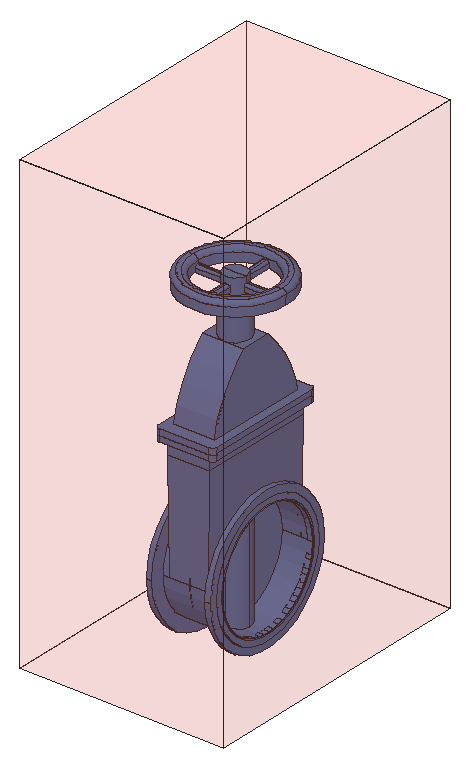
Revit family "Поли-Групп_ЗадвижкаКлиноваяEAZ-EК-F4_DN40-900", category Арматура трубопроводов, Revit 2019
Family settings
  Размер круглого соединителя = Использовать диаметр
  Тип детали = Клапан - Вставляется
  На основе рабочей плоскости = Нет
  Всегда вертикально = Да
  При загрузке вырезать с полостями = Нет
  Общий = Нет
Parameters (values of type "Загрузите типоразмеры из каталог семейств")
  Тип присоединения = "Фланцевое"  # constant formula
  Тип привода = "Штурвал"  # constant formula
  Температура рабочей среды = "0 до +70°С"  # constant formula
  ТВ = "Поли-Групп_ЗадвижкаКлиноваяEAZ-EК-F4_DN40-900"  # constant formula
  Срок службы = "50 лет"  # constant formula
  Сервисная зона_Вкл_Выкл [instance] = yes
  Разработчик = "https://3dbim.pro/"
  Рабочая среда = "Питьевая вода, техническая вода, канализационные стоки, морская вода"  # constant formula
  Покрытие = "Высококачественное эпоксидное покрытие толщиной 300 мкм"  # constant formula
  A = D * 0.9  # 1003.5 mm
  l3 = L * 0.9  # 459 mm
  Назначение = "Для установки в качестве запорного устройства на трубопроводах"  # constant formula
  Материал уплотнителя = "EPDM/NBR"  # constant formula
  Материал Диска = "Высокопрочный чугун с шаровидным графитом (GGG-40)"  # constant formula
  d1 = DN / 4  # 225 mm
  Класс герметичности = "А по ГОСТ Р 9544-2015"  # constant formula
  Manufacturer = ""
  h2 = H2 * 0.5  # 1009 mm
  Габаритные размеры = size_lookup(ТВ, "Габаритные размеры", "нет данных", DN, PN)  # "1115х510х2576"
  t = h2 * 0.1  # 100.9 mm
  l2 = L * 0.65  # 331.5 mm
  l1 = L * 0.6  # 306 mm
  b = size_lookup(ТВ, "b", 20 mm, DN, PN)  # 46.5 mm
  PN = 16.0 bar
  DO = size_lookup(ТВ, "DO", 160 mm, DN, PN)  # 800 mm
  D2 = size_lookup(ТВ, "D2", 340 mm, DN, PN)  # 1001 mm
  f = size_lookup(ТВ, "f", 3 mm, DN, PN)  # 5 mm
  URL = ""
  R = size_lookup(ТВ, "R", 245 mm, DN, PN)  # 37 mm
  L = size_lookup(ТВ, "L", 500 mm, DN, PN)  # 510 mm
  Kv = size_lookup(ТВ, "Kv", 1.0 m³/h, DN, PN)  # 1.0 m³/h
  H2 = size_lookup(ТВ, "H2", 245 mm, DN, PN)  # 2018 mm
  D_Наружный = DN + 9 mm  # 909 mm
  DN = 900 mm
  D = size_lookup(ТВ, "D", 340 mm, DN, PN)  # 1115 mm
  ADSK_Расход жидкости [instance] = 0.0 m³/h
  ADSK_Примечание = ""
  ADSK_Потеря давления жидкости [instance] = (ADSK_Расход жидкости / Kv) ^ 2 * 1.0 bar  # 0.0 bar
  ADSK_Позиция = ""
  ADSK_Обозначение = ""
  ADSK_Наименование краткое = size_lookup(ТВ, "ADSK_Наименование краткое", "нет данных", DN, PN)  # "Задвижка клиновая EAZ EK F4 DN900 PN16"
  ADSK_Наименование = size_lookup(ТВ, "ADSK_Наименование", "нет данных", DN, PN)  # "Задвижка с обрезиненным клином EAZ EK F4 для воды с мягким уплотнением фланцевая маховик DN900 PN16"
  ADSK_Материал наименование = "Высокопрочный чугун с шаровидным графитом (GGG-40)"  # constant formula
  ADSK_Материал = Высокопрочный чугун GGG-40
  ADSK_Масса_Текст = size_lookup(ТВ, "ADSK_Масса_Текст", "нет данных", DN, PN)  # "1980"
  ADSK_Масса = size_lookup(ТВ, "ADSK_Масса", 0, DN, PN)  # 1980
  ADSK_Марка = size_lookup(ТВ, "ADSK_Код изделия", "нет данных", DN, PN)  # "EAZ-GV-4-F4 DN900 PN16"
  ADSK_Количество = 1  # constant formula
  ADSK_Код изделия = ""
  ADSK_Завод-изготовитель = "ООО ПК «Поли-Групп»"  # constant formula
  ADSK_Единица измерения = "шт"  # constant formula
  ADSK_Версия Revit = "2019"  # constant formula
  ADSK_URL страницы изделия = "https://www.polycorr.ru/"
Reference planes
  plane 1 "По центру (Вперед/Назад)": y = 0
  plane 2: z = 0
  plane 3 "По центру (Влево/Вправо)": x = 0
  plane 4: y = 450
  plane 5: y = -450
  plane 6: x = -255
  plane 7: x = 255
  plane 8: x = -154
  plane 9: x = 154
  plane 10: y = 500.5
  plane 11: y = -500.5
  plane 12: y = 454.5
  plane 13: y = -454.5
  plane 14 "Корпус": z = 1009
  plane 15: z = 962.5
  plane 16: z = 861.6
  plane 17: x = -165.75
  plane 18: x = 165.75
  plane 19: x = -153
  plane 20: x = 153
  plane 21: y = 501.75
  plane 22: y = -501.75
  plane 23: x = 229.5
  plane 24: x = -229.5
  plane 25: y = 454.5
  plane 26: y = -454.5
  plane 27: x = -5
  plane 28: x = 5
  plane 29: z = 450
  plane 30: z = -450
  plane 31 "Штурвал": z = 2018
Forms (mm)
  Revolve 1, solid, material "Высокопрочный чугун GGG-40" <- "ADSK_Материал", detail levels fine
    sketch origin (0, 0, 0) x (1, 0, 0) y (0, 1, 0)
      loop
        line (-255, 454.5) -> (-255, 0) -> (255, 0) -> (255, 454.5) -> (-255, 454.5)
      axis (-255, 0) -> (255, 0)
    angle from 0 to 360
  Extrusion 2, solid, material "Высокопрочный чугун GGG-40" <- "ADSK_Материал", detail levels fine
    sketch origin (-117.677, -1524, 962.5) x (-1, 0, 0) y (0, -1, 0)
      loop
        arc (74.823, -2025.75) -> (100.985, -2014.913) -> (111.823, -1988.75) r 37
        line (111.823, -1988.75) -> (111.823, -1059.25)
        arc (111.823, -1059.25) -> (100.985, -1033.087) -> (74.823, -1022.25) r 37
        line (74.823, -1022.25) -> (-310.177, -1022.25)
        arc (-310.177, -1022.25) -> (-336.34, -1033.087) -> (-347.177, -1059.25) r 37
        line (-347.177, -1059.25) -> (-347.177, -1988.75)
        arc (-347.177, -1988.75) -> (-336.34, -2014.913) -> (-310.177, -2025.75) r 37
        line (-310.177, -2025.75) -> (74.823, -2025.75)
    from 0 to 46.5
  Blend 3, solid, material "Высокопрочный чугун GGG-40" <- "ADSK_Материал", detail levels fine
    base sketch origin (0, 0, 0) x (1, 0, 0) y (0, 1, 0)
      loop
        line (-153, 454.5) -> (-153, -454.5) -> (153, -454.5) -> (153, 454.5) -> (-153, 454.5)
    top sketch origin (0, 0, 0) x (1, 0, 0) y (0, 1, 0)
      loop
        line (-165.75, 454.5) -> (-165.75, -454.5) -> (165.75, -454.5) -> (165.75, 454.5) -> (-165.75, 454.5)
    from 0 to 861.6
  Extrusion 4, solid, material "Высокопрочный чугун GGG-40" <- "ADSK_Материал", detail levels fine
    sketch origin (-117.677, -1524, 861.6) x (-1, 0, 0) y (0, -1, 0)
      loop
        line (48.073, -1069.5) -> (-283.427, -1069.5) -> (-283.427, -1978.5) -> (48.073, -1978.5) -> (48.073, -1069.5)
    from 0 to 100.9
  Extrusion 5, void
    sketch origin (-154, 168.089, 1200) x (0, -1, 0) y (0, 0, 1)
      loop
        circle (168.089, -1200) r 450
    from 101 to -409
  Extrusion 6, solid, material "Высокопрочный чугун GGG-40" <- "ADSK_Материал", detail levels fine
    sketch origin (0, 0, 0) x (0, 1, 0) y (0, 0, 1)
      loop
        circle (0, 0) r 450
    from -5 to 5
  Extrusion 7, solid, material "Высокопрочный чугун GGG-40" <- "ADSK_Материал", detail levels fine
    sketch origin (0, 0, 0) x (1, 0, 0) y (0, 1, 0)
      loop
        circle (0, 0) r 112.5
    from -450 to 450
Cuts and joins
  Extrusion 5 cuts Revolve 1
  Extrusion 5 cuts Blend 3
  joined: Revolve 1, Blend 3
Dimensions and locks
  equal spacing: plane 4, plane 1 "По центру (Вперед/Назад)", plane 5
  "DN": plane 4 to plane 5
  equal spacing: plane 10, plane 1 "По центру (Вперед/Назад)", plane 11
  "D2": plane 10 to plane 11
  equal spacing: plane 12, plane 1 "По центру (Вперед/Назад)", plane 13
  "D_Наружный": plane 12 to plane 13
  "b": plane 14 "Корпус" to plane 15
  "h2": plane 14 "Корпус" to plane 2
  equal spacing: plane 19, plane 3 "По центру (Влево/Вправо)", plane 20
  "l1": plane 19 to plane 20
  equal spacing: plane 17, plane 3 "По центру (Влево/Вправо)", plane 18
  "l2": plane 17 to plane 18
  equal spacing: plane 21, plane 1 "По центру (Вперед/Назад)", plane 22
  "A": plane 21 to plane 22
  equal spacing: plane 24, plane 3 "По центру (Влево/Вправо)", plane 23
  "l3": plane 24 to plane 23
  "D_Наружный": plane 25 to plane 26
  equal spacing: plane 26, plane 1 "По центру (Вперед/Назад)", plane 25
  equal spacing: plane 28, plane 3 "По центру (Влево/Вправо)", plane 27
  locked: plane 28 to plane 3 "По центру (Влево/Вправо)" at 5
  "t": plane 15 to plane 16
  equal spacing: plane 29, level, plane 30
  "DN": plane 29 to plane 30
  "H2": plane 31 "Штурвал" to level
  equal spacing: plane 6, nested 3, plane 7
  "L": plane 6 to plane 7
  equal spacing: plane 6, plane 3 "По центру (Влево/Вправо)", plane 7
  "R": radius of Extrusion 2 sketch curve  (x4)
  "DN": diameter of Extrusion 5 sketch curve
  "DN": diameter of Extrusion 6 sketch curve
  "d1": diameter of Extrusion 7 sketch curve
  aligned and locked: level to plane 2
  aligned and locked: Revolve 1 sketch curve to plane 12
  aligned and locked: plane 1 "По центру (Вперед/Назад)" to Revolve 1 sketch curve
  aligned and locked: Extrusion 2 sketch curve to plane 21
  aligned and locked: Extrusion 2 sketch curve to plane 24
  aligned and locked: plane 22 to Extrusion 2 sketch curve
  aligned and locked: Extrusion 2 sketch curve to plane 23
  aligned and locked: plane 14 "Корпус" to Extrusion 2
  aligned and locked: plane 25 to Blend 3 sketch curve
  aligned and locked: plane 17 to Blend 3 sketch curve
  aligned and locked: Blend 3 sketch curve to plane 18
  aligned and locked: Blend 3 sketch curve to plane 26
  aligned and locked: Blend 3 sketch curve to plane 12
  aligned and locked: plane 19 to Blend 3 sketch curve
  aligned and locked: plane 13 to Blend 3 sketch curve
  aligned and locked: Blend 3 sketch curve to plane 20
  aligned and locked: Blend 3 to plane 16
  aligned and locked: plane 26 to Extrusion 4 sketch curve
  aligned and locked: Extrusion 4 sketch curve to plane 17
  aligned and locked: Extrusion 4 sketch curve to plane 25
  aligned and locked: Extrusion 4 sketch curve to plane 18
  aligned and locked: Revolve 1 sketch curve to plane 1 "По центру (Вперед/Назад)"
  aligned and locked: nested 1 to plane 1 "По центру (Вперед/Назад)"
  aligned and locked: plane 1 "По центру (Вперед/Назад)" to nested 2
  aligned and locked: Extrusion 6 to plane 27
  aligned and locked: Extrusion 6 to plane 28
  aligned and locked: Extrusion 4 to plane 15
  aligned and locked: Extrusion 7 to plane 30
  aligned and locked: plane 29 to Extrusion 7
  aligned and locked: plane 1 "По центру (Вперед/Назад)" to nested 3
  aligned and locked: plane 7 to nested 2
  aligned and locked: Revolve 1 sketch curve to plane 7
  aligned and locked: cut or joined group of Revolve 1, Blend 3, Extrusion 5 to plane 6
  aligned and locked: Extrusion 5 to plane 6
  aligned and locked: plane 7 to Extrusion 5
  aligned and locked: nested 1 to plane 6
  aligned and locked: plane 3 "По центру (Влево/Вправо)" to nested 4
  aligned and locked: plane 1 "По центру (Вперед/Назад)" to nested 4
  aligned and locked: nested 4 to level
  aligned and locked: plane 3 "По центру (Влево/Вправо)" to nested 5
  aligned and locked: nested 5 to level
  aligned and locked: plane 3 "По центру (Влево/Вправо)" to nested 6
Automatic sketch dimensions
  Revolve 1 sketch curve to plane 6 = 14 mm
  Revolve 1 sketch curve to plane 7 = 5 mm
  Revolve 1 sketch curve to plane 6 = 0 mm
  Extrusion 5 sketch curve to level = 0 mm
  Extrusion 5 sketch curve to plane 1 "По центру (Вперед/Назад)" = 0 mm
  Extrusion 6 sketch curve to level = 0 mm
  Extrusion 6 sketch curve to plane 1 "По центру (Вперед/Назад)" = 0 mm
  plane 1 "По центру (Вперед/Назад)" to Extrusion 7 sketch curve = 0 mm
  Extrusion 7 sketch curve to plane 3 "По центру (Влево/Вправо)" = 0 mm
Nested families
  nested 1: "Вл_Фланец" at (-208.5, 0, 0) x (-1, 0, 0) z (0, 0, 1), type "Вл_Фланец", detail levels fine
    with D2 1001 mm, D 1115 mm, b 46.5 mm, DN 900 mm
  nested 2: "Вл_Фланец" at (208.5, 0, 0), type "Вл_Фланец", detail levels fine
    with D2 1001 mm, D 1115 mm, b 46.5 mm, DN 900 mm
  nested 3: "Вл_КрышкаКорпусаШтурвал" at (0, 0, 1009), type "Вл_КрышкаКорпусаШтурвал", detail levels fine
  nested 4: "УГО_АТ_Задвижка" at (-0.685, 0, 0) x (1, 0, 0) z (0, -1, 0), type "УГО_АТ_Задвижка", detail levels coarse+medium
    with УГО_Длина 510 mm, b 147.224 mm
  nested 5: "УГО_ЭУ_Задвижка" at (0, 0, 0) x (1, 0, 0) z (0, -1, 0), type "УГО_ЭУ_Задвижка", detail levels coarse+medium
    with УГО_Длина 510 mm, b 147.224 mm
  nested 6: "Вл_СервиснаяЗона" at (0, 0, -19.073), visible <- "Сервисная зона_Вкл_Выкл", type "Вл_СервиснаяЗона", detail levels fine
    with on_off yes, ДиаметрФланца 1115 mm, СЗ_ВысотаПодОсью 557.5 mm, СЗ_ВысотаНадОсью 3027 mm, СЗ_ШиринаВперед 1115 mm, Длина 800 mm, СЗ_Длина 1600 mm, ВысотаНадОсью 2018 mm, СЗ_ШиринаНазад 1115 mm, ВысотаПодОсью 1115 mm
Connectors
  piping at (255, 0, 0), diameter 900, driven by "DN", driven by "ADSK_Расход жидкости"
    settings: on cut or joined group of Revolve 1, Blend 3, Extrusion 5, index 1, connector inside diameter 609.6 mm, connector length 0 mm, flow factor 0, pipe flow 0.0 m³/h, pressure drop 0.0 bar, fitting loss kfactor 0, connector angle 0.00°, fixture units 0, engagement length 0 mm, angle of deflection 0.00°, flow configuration 0, flow direction 0, fitting loss method 0, system type 29, joint type 0, gender type 0, connector reference index 2, connector utility 0, adjustable connector no, is connector primary yes, connector description ""
  piping at (-255, 0, 0), diameter 900, driven by "DN", driven by "ADSK_Расход жидкости", driven by "ADSK_Потеря давления жидкости"
    settings: on cut or joined group of Revolve 1, Blend 3, Extrusion 5, index 2, connector inside diameter 609.6 mm, connector length 0 mm, flow factor 0, pipe flow 0.0 m³/h, pressure drop 0.0 bar, fitting loss kfactor 0, connector angle 0.00°, fixture units 0, engagement length 0 mm, angle of deflection 0.00°, flow configuration 0, flow direction 0, fitting loss method 4, system type 29, joint type 0, gender type 0, connector reference index 1, connector utility 0, adjustable connector no, is connector primary no, connector description ""
Definition of nested family "Вл_Фланец"
  Parameters (values of type "Вл_Фланец")
    Материал = none
    Manufacturer = ""
    D2 = 682 mm
    f = 5 mm
    URL = ""
    D = 780 mm
    b = 36 mm
    DN = 600 mm
  Reference planes
    plane 1 "По центру (Вперед/Назад)": y = 0
    plane 2: z = 0
    plane 3 "По центру (Влево/Вправо)": x = 0
    plane 4: x = 31
    plane 5: x = 36
  Forms (mm)
    Extrusion 1, solid, material <- "Материал"
      sketch origin (0, 0, 0) x (0, 1, 0) y (0, 0, 1)
        loop
          circle (0, 1.343) r 390
        loop
          circle (0, 0) r 300
      from 0 to 31
    Extrusion 2, solid, material <- "Материал"
      sketch origin (31, 232.183, 1200) x (0, 1, 0) y (0, 0, 1)
        loop
          circle (-232.183, -1200) r 341
        loop
          circle (-232.183, -1200) r 300
      from 0 to 5
  Dimensions and locks
    "f": plane 4 to plane 5
    "b": plane 3 "По центру (Влево/Вправо)" to plane 5
    "D": diameter of Extrusion 1 sketch curve
    "DN": diameter of Extrusion 1 sketch curve
    "DN": diameter of Extrusion 2 sketch curve
    "D2": diameter of Extrusion 2 sketch curve
    aligned and locked: level to plane 2
    aligned and locked: Extrusion 1 to plane 4
    aligned and locked: Extrusion 2 to plane 5
  Automatic sketch dimensions
    Extrusion 1 sketch curve to level = 0 mm
    Extrusion 1 sketch curve to plane 1 "По центру (Вперед/Назад)" = 0 mm  (x2)
    level to Extrusion 1 sketch curve = 1.343 mm
    Extrusion 2 sketch curve to Extrusion 2 sketch curve = 0 mm  (x2)
    Extrusion 2 sketch curve to level = 0 mm
    Extrusion 2 sketch curve to plane 1 "По центру (Вперед/Назад)" = 0 mm
Definition of nested family "Вл_КрышкаКорпусаШтурвал"
  Parameters (values of type "Вл_КрышкаКорпусаШтурвал")
    Штурвал_Высота = DO * 0.25  # 200 mm
    Шляпа_Ширина = l3 * 0.7  # 321.3 mm
    Шляпа_Глубина = A * 0.8  # 802.8 mm
    ТВ = "Поли-Групп_ЗадвижкаКлиноваяEAZ-EК-F4_DN40-900"  # constant formula
    l3 = L * 0.9  # 459 mm
    Default Elevation = 1219.2 mm
    Материал = none
    h2 = 1009 mm
    Manufacturer = ""
    PN = 16.0 bar
    A = D * 0.9  # 1003.5 mm
    Шляпа_Высота = КрышкаКорпуса_Высота * 0.7  # 566.3 mm
    КрышкаКорпуса_Высота = H2 - h2 - Штурвал_Высота  # 809 mm
    Верх_Глубина = Шляпа_Вал_Диаметр / 5  # 45.9 mm
    b = size_lookup(ТВ, "b", 20 mm, DN, PN)  # 46.5 mm
    URL = ""
    R = size_lookup(ТВ, "R", 9.7 mm, DN, PN)  # 37 mm
    L = size_lookup(ТВ, "L", 500 mm, DN, PN)  # 510 mm
    H2 = size_lookup(ТВ, "H2", 250 mm, DN, PN)  # 2018 mm
    Шляпа_Вал_Диаметр = l3 * 0.5  # 229.5 mm
    DO = size_lookup(ТВ, "DO", 160 mm, DN, PN)  # 800 mm
    DN = 900 mm
    D = size_lookup(ТВ, "D", 340 mm, DN, PN)  # 1115 mm
  Reference planes
    plane 1 "По центру (Вперед/Назад)": y = 0
    plane 2: z = 0
    plane 3 "По центру (Влево/Вправо)": x = 0
    plane 4: y = 501.75
    plane 5: y = -501.75
    plane 6: x = 229.5
    plane 7: x = -229.5
    plane 8: z = 46.5
    plane 9: x = 46.6
    plane 10: x = -46.6
    plane 11: y = 64.5
    plane 12 "1": y = -256.8
    plane 13: z = 566.3
    plane 14: y = 401.4
    plane 15: y = -401.4
    plane 16: x = 160.65
    plane 17: x = -160.65
    plane 18: x = 114.75
    plane 19: x = -114.75
    plane 20: y = 114.75
    plane 21: y = -114.75
    plane 22: z = 809
    plane 23: z = 283.15
  Forms (mm)
    Extrusion 1, solid, material <- "Материал"
      sketch origin (0, 0, 0) x (1, 0, 0) y (0, 1, 0)
        loop
          arc (-192.5, 501.75) -> (-218.663, 490.913) -> (-229.5, 464.75) r 37
          line (-229.5, 464.75) -> (-229.5, -464.75)
          arc (-229.5, -464.75) -> (-218.663, -490.913) -> (-192.5, -501.75) r 37
          line (-192.5, -501.75) -> (192.5, -501.75)
          arc (192.5, -501.75) -> (218.663, -490.913) -> (229.5, -464.75) r 37
          line (229.5, -464.75) -> (229.5, 464.75)
          arc (229.5, 464.75) -> (218.663, 490.913) -> (192.5, 501.75) r 37
          line (192.5, 501.75) -> (-192.5, 501.75)
      from 0 to 46.5
    Extrusion 2, solid, material <- "Материал"
      sketch origin (0, 76.451, 566.3) x (0, 1, 0) y (-1, 0, 0)
        loop
          circle (-76.451, 0) r 114.75
      from 0 to 242.7
    Extrusion 3, solid, material <- "Материал"
      sketch origin (0, 0, 0) x (0, 1, 0) y (0, 0, 1)
        loop
          spline (-114.75, 566.3) -> (-157.147, 521.291) -> (-196.18, 476.59) -> (-231.846, 432.196) -> (-264.147, 388.111) -> (-293.083, 344.332) -> (-318.653, 300.862) -> (-340.858, 257.699) -> (-359.697, 214.844) -> (-375.171, 172.296) -> (-387.28, 130.057) -> (-396.022, 88.124) -> (-401.4, 46.5)
          line (-401.4, 46.5) -> (401.4, 46.5)
          spline (401.4, 46.5) -> (396.022, 88.124) -> (387.28, 130.057) -> (375.171, 172.296) -> (359.697, 214.844) -> (340.858, 257.699) -> (318.653, 300.862) -> (293.083, 344.332) -> (264.147, 388.111) -> (231.846, 432.196) -> (196.18, 476.59) -> (157.147, 521.291) -> (114.75, 566.3)
          line (114.75, 566.3) -> (-114.75, 566.3)
      from -160.65 to 160.65
  Dimensions and locks
    equal spacing: plane 7, plane 3 "По центру (Влево/Вправо)", plane 6
    "l3": plane 7 to plane 6
    equal spacing: plane 4, plane 1 "По центру (Вперед/Назад)", plane 5
    "A": plane 4 to plane 5
    "b": plane 8 to plane 2
    "Шляпа_Высота": plane 13 to plane 2
    equal spacing: plane 17, plane 3 "По центру (Влево/Вправо)", plane 16
    "Шляпа_Ширина": plane 17 to plane 16
    equal spacing: plane 14, plane 1 "По центру (Вперед/Назад)", plane 15
    "Шляпа_Глубина": plane 14 to plane 15
    equal spacing: plane 20, plane 1 "По центру (Вперед/Назад)", plane 21
    equal spacing: plane 19, plane 3 "По центру (Влево/Вправо)", plane 18
    "Шляпа_Вал_Диаметр": plane 20 to plane 21
    "Шляпа_Вал_Диаметр": plane 19 to plane 18
    "КрышкаКорпуса_Высота": plane 22 to plane 2
    equal spacing: plane 13, plane 23, level
    plane 11 to plane 1 "По центру (Вперед/Назад)" to plane 12 "1" = 64.5 mm, 256.8 mm
    "Шляпа_Ширина": plane 11 to plane 12 "1"
    "R": radius of Extrusion 1 sketch curve  (x4)
    "Шляпа_Вал_Диаметр": diameter of Extrusion 2 sketch curve
    aligned and locked: level to plane 2
    aligned and locked: Extrusion 1 sketch curve to plane 4
    aligned and locked: plane 7 to Extrusion 1 sketch curve
    aligned and locked: plane 5 to Extrusion 1 sketch curve
    aligned and locked: Extrusion 1 sketch curve to plane 6
    aligned and locked: Extrusion 1 to plane 8
    aligned and locked: plane 22 to Extrusion 2
    aligned and locked: plane 3 "По центру (Влево/Вправо)" to nested 1
    aligned and locked: plane 1 "По центру (Вперед/Назад)" to nested 1  (x2)
    aligned and locked: Extrusion 3 sketch curve to plane 13  (x2)
    aligned and locked: plane 14 to Extrusion 3 sketch curve
    aligned and locked: plane 15 to Extrusion 3 sketch curve
    aligned and locked: Extrusion 3 to plane 8
    aligned and locked: plane 17 to Extrusion 3
    aligned and locked: plane 16 to Extrusion 3
    aligned and locked: plane 21 to Extrusion 3 sketch curve
    aligned and locked: plane 20 to Extrusion 3 sketch curve
  Automatic sketch dimensions
    Extrusion 3 sketch curve to plane 8 = 0 mm
    plane 1 "По центру (Вперед/Назад)" to Extrusion 2 sketch curve = 0 mm
    Extrusion 2 sketch curve to plane 3 "По центру (Влево/Вправо)" = 0 mm
  Nested families
    nested 1: "Вл_Штурвал" at (0, 0, 809), type "Вл_Штурвал"
      with Штурвал_Осьd 696 mm, Штурвал_Высота 200 mm, Штурвал_КольцоШирина 104 mm, Держалка_Ширина/2 26 mm, Держалка_Ширина 52 mm, Держалка_d 540 mm, Держалка_Отступ 20 mm, Штурвал_ВнКольцоВысота 123.2 mm, Штурвал_ВнВысота 130 mm, DO 800 mm, Штурвал_Скруглений_r 34.32 mm, Штурвал_ВнКольцо_r 88 mm, Штурвал_Стойка_D 100 mm, D_Гайка 58.667 mm, DN 900 mm
  Definition of nested family "Вл_Штурвал"
    Parameters (values of type "Вл_Штурвал")
      Штурвал_Осьd = DO - Штурвал_КольцоШирина  # 783 mm
      Штурвал_Высота = DO * 0.25  # 225 mm
      Штурвал_КольцоШирина = DO * 0.13  # 117 mm
      Держалка_Ширина/2 = Держалка_Ширина * 0.5  # 29.25 mm
      Держалка_Ширина = Штурвал_КольцоШирина / 2  # 58.5 mm
      Держалка_d = Штурвал_Осьd - Штурвал_КольцоШирина * 1.5  # 607.5 mm
      Держалка_Отступ = Штурвал_Стойка_D * 0.2  # 22.5 mm
      Default Elevation = 1219.2 mm
      Материал_Штурвал = none
      Manufacturer = ""
      Штурвал_ВнКольцоВысота = Штурвал_ВнКольцо_r * 1.4  # 138.6 mm
      Штурвал_ВнВысота = Штурвал_Высота * 0.65  # 146.25 mm
      DO = 900 mm
      URL = ""
      Штурвал_Скруглений_r = Штурвал_КольцоШирина * 0.33  # 38.61 mm
      Штурвал_ВнКольцо_r = DO * 0.11  # 99 mm
      Штурвал_Стойка_D = Штурвал_Высота * 0.5  # 112.5 mm
      D_Гайка = Штурвал_ВнКольцо_r / 1.5  # 66 mm
      DN = 250 mm
    Reference planes
      plane 1 "По центру (Вперед/Назад)": y = 0
      plane 2: z = 0
      plane 3 "По центру (Влево/Вправо)": x = 0
      plane 4: x = 450
      plane 5: x = -450
      plane 6: y = 450
      plane 7: y = -450
      plane 8: z = 225
      plane 9: z = 108
      plane 10: x = 333
      plane 11: z = 217.35
      plane 12: z = 137.25
      plane 13: z = 78.75
      plane 14: x = 99
      plane 15: z = 101.25
    Forms (mm)
      Revolve 1, solid
        sketch origin (0, 0, 0) x (1, 0, 0) y (0, 0, 1)
          loop
            arc (371.61, 225) -> (344.309, 213.691) -> (333, 186.39) r 38.61
            line (333, 186.39) -> (333, 108) -> (450, 108) -> (450, 186.39)
            arc (450, 186.39) -> (438.691, 213.691) -> (411.39, 225) r 38.61
            line (411.39, 225) -> (371.61, 225)
          axis (0, 225) -> (0, 108)
        angle from 0 to 360
      Revolve 2, solid
        sketch origin (0, 0, 0) x (1, 0, 0) y (0, 0, 1)
          loop
            line (0, 217.35) -> (0, 78.75) -> (99, 78.75) -> (99, 217.35) -> (0, 217.35)
          axis (0, 217.35) -> (0, 78.75)
        angle from 0 to 360
      Extrusion 3, solid
        sketch origin (-128.236, -1524, 257.2) x (-1, 0, 0) y (0, -1, 0)
          loop
            circle (-128.236, -1524) r 56.25
        from -178.45 to -257.2
      Sweep 4, solid
        path in 3D
          loop
            line (0, 7.5, 101.25) -> (0, 435, 108) -> (0, 444, 108)
        profile "Вл_ПрофильШтурвала : Вл_ПрофильШтурвала" origin (0, 439.5, 108) x (0, 0, 1) y (1, 0, 0)
          loop
            arc (58.5, 9.75) -> (52.789, 23.539) -> (39, 29.25) r 19.5
            line (39, 29.25) -> (0, 29.25) -> (0, -29.25) -> (39, -29.25)
            arc (39, -29.25) -> (52.789, -23.539) -> (58.5, -9.75) r 19.5
            line (58.5, -9.75) -> (58.5, 9.75)
      Sweep 5, solid
        path in 3D
          loop
            line (-7.5, 0, 101.25) -> (-435, 0, 108) -> (-444, 0, 108)
        profile "Вл_ПрофильШтурвала : Вл_ПрофильШтурвала" origin (-439.5, 0, 108) x (0, 0, -1) y (0, -1, 0)
          loop
            arc (-58.5, -9.75) -> (-52.789, -23.539) -> (-39, -29.25) r 19.5
            line (-39, -29.25) -> (0, -29.25) -> (0, 29.25) -> (-39, 29.25)
            arc (-39, 29.25) -> (-52.789, 23.539) -> (-58.5, 9.75) r 19.5
            line (-58.5, 9.75) -> (-58.5, -9.75)
      Sweep 6, solid
        path in 3D
          loop
            line (0, -7.5, 101.25) -> (0, -435, 108) -> (0, -444, 108)
        profile "Вл_ПрофильШтурвала : Вл_ПрофильШтурвала" origin (0, -439.5, 108) x (0, 0, -1) y (1, 0, 0)
          loop
            arc (-58.5, -9.75) -> (-52.789, -23.539) -> (-39, -29.25) r 19.5
            line (-39, -29.25) -> (0, -29.25) -> (0, 29.25) -> (-39, 29.25)
            arc (-39, 29.25) -> (-52.789, 23.539) -> (-58.5, 9.75) r 19.5
            line (-58.5, 9.75) -> (-58.5, -9.75)
      Sweep 7, solid
        path in 3D
          loop
            line (7.5, 0, 101.25) -> (330, 0, 108) -> (444, 0, 108)
        profile "Вл_ПрофильШтурвала : Вл_ПрофильШтурвала" origin (387, 0, 108) x (0, 0, 1) y (0, -1, 0)
          loop
            arc (58.5, 9.75) -> (52.789, 23.539) -> (39, 29.25) r 19.5
            line (39, 29.25) -> (0, 29.25) -> (0, -29.25) -> (39, -29.25)
            arc (39, -29.25) -> (52.789, -23.539) -> (58.5, -9.75) r 19.5
            line (58.5, -9.75) -> (58.5, 9.75)
    Cuts and joins
      joined: Revolve 1, Revolve 2, Sweep 4, Sweep 5, Sweep 6, Sweep 7
    Lines and regions (mm)
      reference lines
        curve 1: circle (0, 0, 108) r 391.5 normal (0, 0, 1)
        curve 2: circle (0, 0, 101.25) r 49.5 normal (0, 0, 1)
        curve 3: circle (0, 0, 108) r 303.75 normal (0, 0, 1)
        curve 4: line (-7.5, 0, 101.25) -> (-435, 0, 108)
        curve 5: line (-435, 0, 108) -> (-444, 0, 108)
        curve 6: line (7.5, 0, 101.25) -> (330, 0, 108)
        curve 7: line (330, 0, 108) -> (444, 0, 108)
        curve 8: line (0, 7.5, 101.25) -> (0, 435, 108)
        curve 9: line (0, 435, 108) -> (0, 444, 108)
        curve 10: line (0, -7.5, 101.25) -> (0, -435, 108)
        curve 11: line (0, -435, 108) -> (0, -444, 108)
      sketch lines
        curve 12: line (0, 435, 108) -> (0, 444, 108)
        curve 13: line (0, 7.5, 101.25) -> (0, 435, 108)
        curve 14: line (-435, 0, 108) -> (-444, 0, 108)
        curve 15: line (-7.5, 0, 101.25) -> (-435, 0, 108)
        curve 16: line (0, -435, 108) -> (0, -444, 108)
        curve 17: line (0, -7.5, 101.25) -> (0, -435, 108)
        curve 18: line (330, 0, 108) -> (444, 0, 108)
        curve 19: line (7.5, 0, 101.25) -> (330, 0, 108)
    Dimensions and locks
      equal spacing: plane 6, plane 1 "По центру (Вперед/Назад)", plane 7
      "DO": plane 6 to plane 7
      equal spacing: plane 5, plane 3 "По центру (Влево/Вправо)", plane 4
      "DO": plane 5 to plane 4
      "Штурвал_КольцоШирина": plane 8 to plane 9
      "Штурвал_КольцоШирина": plane 4 to plane 10
      "Штурвал_ВнКольцоВысота": plane 11 to plane 13
      "Штурвал_ВнКольцо_r": plane 14 to plane 3 "По центру (Влево/Вправо)"
      "Держалка_Ширина/2": plane 12 to plane 9
      "Штурвал_ВнВысота": plane 8 to plane 13
      "Держалка_Отступ": plane 15 to plane 13
      "Штурвал_Высота": plane 8 to level
      "Штурвал_Стойка_D": diameter of Extrusion 3 sketch curve
      "Штурвал_Осьd": diameter of curve 1
      "Штурвал_ВнКольцо_r": diameter of curve 2
      "Штурвал_Скруглений_r": radius of Revolve 1 sketch curve  (x2)
      "Держалка_d": diameter of curve 3
      aligned and locked: level to plane 2
      aligned and locked: Revolve 1 sketch curve to plane 8
      aligned and locked: plane 10 to Revolve 1 sketch curve
      aligned and locked: plane 9 to Revolve 1 sketch curve
      aligned and locked: Revolve 1 sketch curve to plane 4
      aligned and locked: Revolve 1 sketch curve to plane 3 "По центру (Влево/Вправо)"
      aligned and locked: Revolve 2 sketch curve to plane 11
      aligned and locked: plane 3 "По центру (Влево/Вправо)" to Revolve 2 sketch curve
      aligned and locked: plane 13 to Revolve 2 sketch curve
      aligned and locked: Revolve 2 sketch curve to plane 14
      aligned and locked: Revolve 2 sketch curve to plane 3 "По центру (Влево/Вправо)"
      aligned and locked: curve 2 to curve 4
      aligned and locked: curve 4 to curve 3
      aligned and locked: curve 5 to curve 1
      aligned and locked: curve 2 to curve 6
      aligned and locked: curve 3 to curve 6
      aligned and locked: curve 1 to curve 7
      aligned and locked: curve 2 to curve 8
      aligned and locked: curve 3 to curve 8
      aligned and locked: curve 1 to curve 9
      aligned and locked: curve 2 to curve 10
      aligned and locked: curve 10 to curve 3
      aligned and locked: curve 11 to curve 1
      aligned and locked: Extrusion 3 to level
      aligned and locked: plane 13 to Extrusion 3
    Automatic sketch dimensions
      Revolve 2 sketch curve to plane 13 = 0 mm
      Revolve 2 sketch curve to Revolve 2 sketch curve = 70 mm
      plane 8 to Revolve 2 sketch curve = 40 mm
      plane 5 to curve 5 = 15 mm
      plane 5 to curve 5 = 6 mm
      curve 4 to plane 3 "По центру (Влево/Вправо)" = 7.5 mm
      plane 3 "По центру (Влево/Вправо)" to curve 6 = 7.5 mm
      curve 7 to plane 10 = 3 mm
      curve 7 to plane 4 = 6 mm
      curve 9 to plane 6 = 15 mm
      curve 8 to plane 1 "По центру (Вперед/Назад)" = 7.5 mm
      plane 1 "По центру (Вперед/Назад)" to curve 10 = 7.5 mm
      plane 7 to curve 11 = 15 mm
      plane 7 to curve 11 = 6 mm
      curve 9 to plane 6 = 6 mm
      plane 8 to Revolve 1 sketch curve = 4.2 mm
      Revolve 1 sketch curve to Revolve 1 sketch curve = 155.8 mm
      plane 1 "По центру (Вперед/Назад)" to Extrusion 3 sketch curve = 0 mm
      Extrusion 3 sketch curve to plane 3 "По центру (Влево/Вправо)" = 0 mm
      plane 1 "По центру (Вперед/Назад)" to curve 2 = 0 mm
      curve 2 to plane 3 "По центру (Влево/Вправо)" = 0 mm
      curve 1 to curve 3 = 0 mm  (x2)
      plane 1 "По центру (Вперед/Назад)" to curve 3 = 0 mm
      curve 3 to plane 3 "По центру (Влево/Вправо)" = 0 mm
Definition of nested family "УГО_АТ_Задвижка"
  Parameters (values of type "УГО_АТ_Задвижка")
    УГО_Длина = 210 mm
    b = (УГО_Длина / 2) * tan(30.00°)  # 60.622 mm
  Reference planes
    plane 1 "По центру (Вперед/Назад)": y = 0
    plane 2: z = 0
    plane 3 "По центру (Влево/Вправо)": x = 0.685
    plane 4: z = 60.622
    plane 5: z = -60.622
    plane 6: x = -104.315
    plane 7: x = 105.685
  Forms (mm)
    Extrusion 1, solid
      sketch origin (0, 0, 0) x (1, 0, 0) y (0, 0, 1)
        loop
          line (0.685, 0) -> (-104.315, 60.622) -> (-104.315, -60.622) -> (0.685, 0)
      from -1 to 1
    Extrusion 2, solid
      sketch origin (0, 0, 0) x (-1, 0, 0) y (0, 0, -1)
        loop
          line (-0.685, 0) -> (-105.685, 60.622) -> (-105.685, -60.622) -> (-0.685, 0)
      from -1 to 1
  Lines and regions (mm)
    model lines
      curve 1: line (0.685, 0, 60.622) -> (0.685, 0, -60.622)
  Dimensions and locks
    equal spacing: plane 4, level, plane 5
    "b": plane 4 to level
    equal spacing: plane 7, plane 3 "По центру (Влево/Вправо)", plane 6
    "УГО_Длина": plane 7 to plane 6
    locked: plane 2 to Extrusion 2 sketch curve (angle 30.00°)
    locked: Extrusion 2 sketch curve to plane 2 (angle 30.00°)
    locked: Extrusion 1 sketch curve to plane 2 (angle 30.00°)
    locked: plane 2 to Extrusion 1 sketch curve (angle 30.00°)
    aligned and locked: level to plane 2
    aligned and locked: curve 1 to plane 3 "По центру (Влево/Вправо)"
    aligned and locked: plane 4 to curve 1
    aligned and locked: plane 5 to curve 1
    aligned and locked: Extrusion 1 sketch curve to plane 6
    aligned and locked: Extrusion 2 sketch curve to plane 7
  Automatic sketch dimensions
    Extrusion 1 sketch curve to level = 0 mm
    Extrusion 1 sketch curve to plane 3 "По центру (Влево/Вправо)" = 0 mm
    Extrusion 2 sketch curve to level = 0 mm
    Extrusion 2 sketch curve to plane 3 "По центру (Влево/Вправо)" = 0 mm
Definition of nested family "Вл_СервиснаяЗона"
  Parameters (values of type "Вл_СервиснаяЗона")
    ДиаметрФланца = 285 mm
    СЗ_ВысотаПодОсью = ВысотаПодОсью * 0.5  # 142.5 mm
    СЗ_ВысотаНадОсью = ВысотаНадОсью * 1.5  # 682.5 mm
    СЗ_ШиринаВперед = ДиаметрФланца  # 285 mm
    Default Elevation = 1219.2 mm
    Материал = none
    Длина = 250 mm
    СЗ_Длина = Длина * 2  # 500 mm
    ВысотаНадОсью = 455 mm
    СЗ_ШиринаНазад = ДиаметрФланца  # 285 mm
    ВысотаПодОсью = 285 mm
    on_off [instance] = yes
  Reference planes
    plane 1 "По центру (Вперед/Назад)": y = 0
    plane 2: z = 0
    plane 3 "По центру (Влево/Вправо)": x = 0
    plane 4: x = -250
    plane 5: x = 250
    plane 6: z = 682.5
    plane 7: y = 285
    plane 8: y = -285
    plane 9: z = -142.5
  Forms (mm)
    Extrusion 1, solid, material <- "Материал", visible <- "on_off", detail levels fine
      sketch origin (0, 0, 0) x (1, 0, 0) y (0, 1, 0)
        loop
          line (-250, 285) -> (-250, -285) -> (250, -285) -> (250, 285) -> (-250, 285)
      from -142.5 to 682.5
  Lines and regions (mm)
    symbolic lines, visible <- "on_off", detail levels fine
      curve 1: line (-250, 0, 682.5) -> (250, 0, 682.5)
      curve 2: line (250, 0, 682.5) -> (250, 0, -142.5)
      curve 3: line (-250, -285, 0) -> (-250, 285, 0)
      curve 4: line (250, 285, 0) -> (250, -285, 0)
  Dimensions and locks
    equal spacing: plane 4, plane 3 "По центру (Влево/Вправо)", plane 5
    "СЗ_Длина": plane 4 to plane 5
    "СЗ_ВысотаНадОсью": plane 6 to level
    "СЗ_ВысотаПодОсью": level to plane 9
    "СЗ_ШиринаВперед": plane 1 "По центру (Вперед/Назад)" to plane 8
    "СЗ_ШиринаНазад": plane 7 to plane 1 "По центру (Вперед/Назад)"
    aligned and locked: level to plane 2
    aligned and locked: Extrusion 1 sketch curve to plane 4
    aligned and locked: Extrusion 1 sketch curve to plane 5
    aligned and locked: curve 1 to plane 6
    aligned and locked: curve 2 to plane 5
    aligned and locked: curve 3 to plane 4
    aligned and locked: curve 4 to plane 5
    aligned and locked: plane 9 to curve 2
    aligned and locked: Extrusion 1 to plane 8
    aligned and locked: plane 7 to Extrusion 1
    aligned and locked: plane 6 to Extrusion 1
    aligned and locked: Extrusion 1 to plane 9
  Automatic sketch dimensions
    Extrusion 1 sketch curve to plane 8 = 0 mm
    Extrusion 1 sketch curve to plane 7 = 0 mm
    plane 8 to curve 4 = 0 mm
    curve 3 to plane 8 = 0 mm
    plane 7 to curve 4 = 0 mm
    curve 3 to plane 7 = 0 mm
    curve 1 to plane 4 = 0 mm
Definition of nested family "УГО_ЭУ_Задвижка"
  Parameters (values of type "УГО_ЭУ_Задвижка")
    УГО_Длина = 60 mm
    b = (УГО_Длина / 2) * tan(30.00°)  # 17.321 mm
  Reference planes
    plane 1 "По центру (Вперед/Назад)": y = 0
    plane 2: z = 0
    plane 3 "По центру (Влево/Вправо)": x = 0
    plane 4: x = -30
    plane 5: x = 30
    plane 6: y = 17.321
    plane 7: y = -17.321
  Lines and regions (mm)
    Filled region 1, type "Сплошная заливка - Белый", in view "Опорный уровень"
      outline origin (0, 0, 0) x (1, 0, 0) y (0, 1, 0)
        loop
          line (0, 0) -> (-30, 17.321) -> (-30, -17.321) -> (0, 0)
    Filled region 2, type "Сплошная заливка - Белый", in view "Опорный уровень"
      outline origin (0, 0, 0) x (1, 0, 0) y (0, 1, 0)
        loop
          line (0, 0) -> (30, -17.321) -> (30, 17.321) -> (0, 0)
    detail lines, in view "Опорный уровень"
      curve 1: line (0, 0, 0) -> (-30, 17.321, 0)
      curve 2: line (0, 0, 0) -> (-30, -17.321, 0)
      curve 3: line (-30, -17.321, 0) -> (-30, 17.321, 0)
      curve 4: line (0, 0, 0) -> (30, 17.321, 0)
      curve 5: line (0, 0, 0) -> (30, -17.321, 0)
      curve 6: line (30, -17.321, 0) -> (30, 17.321, 0)
      curve 7: line (0, -17.321, 0) -> (0, 17.321, 0)
  Dimensions and locks
    equal spacing: plane 4, plane 3 "По центру (Влево/Вправо)", plane 5
    "УГО_Длина": plane 4 to plane 5
    equal spacing: plane 6, plane 1 "По центру (Вперед/Назад)", plane 7
    "b": plane 6 to plane 1 "По центру (Вперед/Назад)"
    locked: plane 1 "По центру (Вперед/Назад)" to curve 4 (angle 30.00°)
    locked: curve 1 to plane 1 "По центру (Вперед/Назад)" (angle 30.00°)
    locked: plane 1 "По центру (Вперед/Назад)" to curve 2 (angle 30.00°)
    locked: curve 5 to plane 1 "По центру (Вперед/Назад)" (angle 30.00°)
    aligned and locked: plane 4 to curve 3
    aligned and locked: curve 6 to plane 5
    aligned and locked: Filled region 1 sketch curve to curve 1
    aligned and locked: Filled region 1 sketch curve to curve 3
    aligned and locked: Filled region 1 sketch curve to curve 2
    aligned and locked: Filled region 2 sketch curve to curve 4
    aligned and locked: Filled region 2 sketch curve to curve 6
    aligned and locked: Filled region 2 sketch curve to curve 5
    aligned and locked: plane 3 "По центру (Влево/Вправо)" to curve 7
    aligned and locked: plane 6 to curve 7
    aligned and locked: plane 7 to curve 7
  Automatic sketch dimensions
    plane 1 "По центру (Вперед/Назад)" to curve 2 = 0 mm
    curve 2 to plane 3 "По центру (Влево/Вправо)" = 0 mm
Types in the file's own list only (29): name | A | l3 | d1 | h2 | Габаритные размеры | t | l2 | l1 | b | PN | DO | D2 | f | R | L | Kv | H2 | D_Наружный | DN | D | ADSK_Наименование краткое | ADSK_Наименование | ADSK_Масса_Текст | ADSK_Масса | ADSK_Марка
  40-16 | 135 мм | 126 мм | 10 мм | 120 мм | "150х140х315" | 12 мм | 91 мм | 84 мм | 19 мм | 16.0 бары | 160 мм | 88 мм | 3 мм | 10 мм | 140 мм | 0.2 м³/ч | 240 мм | 49 мм | 40 мм | 150 мм | "Задвижка клиновая EAZ EK F4 DN40 PN16" | "Задвижка с обрезиненным клином EAZ EK F4 для воды с мягким уплотнением фланцевая маховик DN40 PN16" | "8.2" | 8.2 | "EAZ-GV-4-F4 DN40 PN16"
  50-16 | 149 мм | 135 мм | 13 мм | 120 мм | "165х150х323" | 12 мм | 98 мм | 90 мм | 19 мм | 16.0 бары | 160 мм | 100 мм | 3 мм | 10 мм | 150 мм | 0.2 м³/ч | 240 мм | 59 мм | 50 мм | 165 мм | "Задвижка клиновая EAZ EK F4 DN50 PN16" | "Задвижка с обрезиненным клином EAZ EK F4 для воды с мягким уплотнением фланцевая маховик DN50 PN16" | "9.2" | 9.2 | "EAZ-GV-4-F4 DN50 PN16"
  65-16 | 167 мм | 153 мм | 16 мм | 130 мм | "185х170х352" | 13 мм | 111 мм | 102 мм | 19 мм | 16.0 бары | 160 мм | 120 мм | 3 мм | 10 мм | 170 мм | 0.2 м³/ч | 259 мм | 74 мм | 65 мм | 185 мм | "Задвижка клиновая EAZ EK F4 DN65 PN16" | "Задвижка с обрезиненным клином EAZ EK F4 для воды с мягким уплотнением фланцевая маховик DN65 PN16" | "12" | 12 | "EAZ-GV-4-F4 DN65 PN16"
  80-16 | 180 мм | 162 мм | 20 мм | 148 мм | "200х180х395" | 15 мм | 117 мм | 108 мм | 19 мм | 16.0 бары | 200 мм | 135 мм | 3 мм | 10 мм | 180 мм | 0.1 м³/ч | 295 мм | 89 мм | 80 мм | 200 мм | "Задвижка клиновая EAZ EK F4 DN80 PN16" | "Задвижка с обрезиненным клином EAZ EK F4 для воды с мягким уплотнением фланцевая маховик DN80 PN16" | "14" | 14 | "EAZ-GV-4-F4 DN80 PN16"
  100-16 | 198 мм | 171 мм | 25 мм | 164 мм | "220х190х437" | 16 мм | 124 мм | 114 мм | 19 мм | 16.0 бары | 200 мм | 156 мм | 3 мм | 11 мм | 190 мм | 0.1 м³/ч | 327 мм | 109 мм | 100 мм | 220 мм | "Задвижка клиновая EAZ EK F4 DN100 PN16" | "Задвижка с обрезиненным клином EAZ EK F4 для воды с мягким уплотнением фланцевая маховик DN100 PN16" | "18" | 18 | "EAZ-GV-4-F4 DN100 PN16"
  125-16 | 225 мм | 180 мм | 31 мм | 194 мм | "250х200х513" | 19 мм | 130 мм | 120 мм | 19 мм | 16.0 бары | 250 мм | 186 мм | 3 мм | 11 мм | 200 мм | 0.1 м³/ч | 388 мм | 134 мм | 125 мм | 250 мм | "Задвижка клиновая EAZ EK F4 DN125 PN16" | "Задвижка с обрезиненным клином EAZ EK F4 для воды с мягким уплотнением фланцевая маховик DN125 PN16" | "24" | 24 | "EAZ-GV-4-F4 DN125 PN16"
  150-16 | 257 мм | 189 мм | 38 мм | 216 мм | "285х210х574" | 22 мм | 137 мм | 126 мм | 19 мм | 16.0 бары | 250 мм | 212 мм | 3 мм | 11 мм | 210 мм | 0.1 м³/ч | 431 мм | 159 мм | 150 мм | 285 мм | "Задвижка клиновая EAZ EK F4 DN150 PN16" | "Задвижка с обрезиненным клином EAZ EK F4 для воды с мягким уплотнением фланцевая маховик DN150 PN16" | "31" | 31 | "EAZ-GV-4-F4 DN150 PN16"
  200-16 | 306 мм | 207 мм | 50 мм | 264 мм | "340х230х697" | 26 мм | 150 мм | 138 мм | 20 мм | 16.0 бары | 280 мм | 268 мм | 3 мм | 13 мм | 230 мм | 0.1 м³/ч | 527 мм | 209 мм | 200 мм | 340 мм | "Задвижка клиновая EAZ EK F4 DN200 PN16" | "Задвижка с обрезиненным клином EAZ EK F4 для воды с мягким уплотнением фланцевая маховик DN200 PN16" | "50" | 50 | "EAZ-GV-4-F4 DN200 PN16"
  250-16 | 365 мм | 225 мм | 63 мм | 305 мм | "405х250х812" | 30 мм | 163 мм | 150 мм | 22 мм | 16.0 бары | 320 мм | 318 мм | 3 мм | 15 мм | 250 мм | 0.1 м³/ч | 609 мм | 259 мм | 250 мм | 405 мм | "Задвижка клиновая EAZ EK F4 DN250 PN16" | "Задвижка с обрезиненным клином EAZ EK F4 для воды с мягким уплотнением фланцевая маховик DN250 PN16" | "77" | 77 | "EAZ-GV-4-F4 DN250 PN16"
  300-16 | 414 мм | 243 мм | 75 мм | 349 мм | "460х270х928" | 35 мм | 176 мм | 162 мм | 25 мм | 16.0 бары | 350 мм | 373 мм | 3 мм | 17 мм | 270 мм | 0.1 м³/ч | 698 мм | 309 мм | 300 мм | 460 мм | "Задвижка клиновая EAZ EK F4 DN300 PN16" | "Задвижка с обрезиненным клином EAZ EK F4 для воды с мягким уплотнением фланцевая маховик DN300 PN16" | "107" | 107 | "EAZ-GV-4-F4 DN300 PN16"
  350-16 | 468 мм | 261 мм | 88 мм | 398 мм | "520х290х1056" | 40 мм | 189 мм | 174 мм | 27 мм | 16.0 бары | 400 мм | 433 мм | 3 мм | 21 мм | 290 мм | 0.0 м³/ч | 796 мм | 359 мм | 350 мм | 520 мм | "Задвижка клиновая EAZ EK F4 DN350 PN16" | "Задвижка с обрезиненным клином EAZ EK F4 для воды с мягким уплотнением фланцевая маховик DN350 PN16" | "183" | 183 | "EAZ-GV-4-F4 DN350 PN16"
  400-16 | 522 мм | 279 мм | 100 мм | 472 мм | "580х310х1233" | 47 мм | 202 мм | 186 мм | 28 мм | 16.0 бары | 500 мм | 483 мм | 4 мм | 21 мм | 310 мм | 0.0 м³/ч | 943 мм | 409 мм | 400 мм | 580 мм | "Задвижка клиновая EAZ EK F4 DN400 PN16" | "Задвижка с обрезиненным клином EAZ EK F4 для воды с мягким уплотнением фланцевая маховик DN400 PN16" | "228" | 228 | "EAZ-GV-4-F4 DN400 PN16"
  450-16 | 576 мм | 297 мм | 113 мм | 516 мм | "640х330х1352" | 52 мм | 215 мм | 198 мм | 30 мм | 16.0 бары | 500 мм | 546 мм | 4 мм | 28 мм | 330 мм | 0.0 м³/ч | 1032 мм | 459 мм | 450 мм | 640 мм | "Задвижка клиновая EAZ EK F4 DN450 PN16" | "Задвижка с обрезиненным клином EAZ EK F4 для воды с мягким уплотнением фланцевая маховик DN450 PN16" | "320" | 320 | "EAZ-GV-4-F4 DN450 PN16"
  500-16 | 644 мм | 315 мм | 125 мм | 557 мм | "715х350х1472" | 56 мм | 228 мм | 210 мм | 32 мм | 16.0 бары | 500 мм | 605 мм | 4 мм | 28 мм | 350 мм | 1.0 м³/ч | 1114 мм | 509 мм | 500 мм | 715 мм | "Задвижка клиновая EAZ EK F4 DN500 PN16" | "Задвижка с обрезиненным клином EAZ EK F4 для воды с мягким уплотнением фланцевая маховик DN500 PN16" | "394" | 394 | "EAZ-GV-4-F4 DN500 PN16"
  600-16 | 756 мм | 351 мм | 150 мм | 630 мм | "840х390х1679" | 63 мм | 254 мм | 234 мм | 36 мм | 16.0 бары | 600 мм | 710 мм | 5 мм | 28 мм | 390 мм | 1.0 м³/ч | 1259 мм | 609 мм | 600 мм | 840 мм | "Задвижка клиновая EAZ EK F4 DN600 PN16" | "Задвижка с обрезиненным клином EAZ EK F4 для воды с мягким уплотнением фланцевая маховик DN600 PN16" | "580" | 580 | "EAZ-GV-4-F4 DN600 PN16"
  700-16 | 819 мм | 387 мм | 175 мм | 746 мм | "910х430х1947" | 75 мм | 280 мм | 258 мм | 40 мм | 16.0 бары | 700 мм | 797 мм | 5 мм | 31 мм | 430 мм | 1.0 м³/ч | 1492 мм | 709 мм | 700 мм | 910 мм | "Задвижка клиновая EAZ EK F4 DN700 PN16" | "Задвижка с обрезиненным клином EAZ EK F4 для воды с мягким уплотнением фланцевая маховик DN700 PN16" | "1050" | 1050 | "EAZ-GV-4-F4 DN700 PN16"
  800-16 | 923 мм | 423 мм | 200 мм | 815 мм | "1025х470х2143" | 82 мм | 306 мм | 282 мм | 43 мм | 16.0 бары | 800 мм | 909 мм | 5 мм | 33 мм | 470 мм | 1.0 м³/ч | 1630 мм | 809 мм | 800 мм | 1025 мм | "Задвижка клиновая EAZ EK F4 DN800 PN16" | "Задвижка с обрезиненным клином EAZ EK F4 для воды с мягким уплотнением фланцевая маховик DN800 PN16" | "1250" | 1250 | "EAZ-GV-4-F4 DN800 PN16"
  900-16 | 1004 мм | 459 мм | 225 мм | 1009 мм | "1115х510х2576" | 101 мм | 332 мм | 306 мм | 47 мм | 16.0 бары | 800 мм | 1001 мм | 5 мм | 37 мм | 510 мм | 1.0 м³/ч | 2018 мм | 909 мм | 900 мм | 1115 мм | "Задвижка клиновая EAZ EK F4 DN900 PN16" | "Задвижка с обрезиненным клином EAZ EK F4 для воды с мягким уплотнением фланцевая маховик DN900 PN16" | "1980" | 1980 | "EAZ-GV-4-F4 DN900 PN16"
  200-10 | 306 мм | 207 мм | 50 мм | 264 мм | "340х230х697" | 26 мм | 150 мм | 138 мм | 20 мм | 10.0 бары | 280 мм | 268 мм | 3 мм | 13 мм | 230 мм | 0.1 м³/ч | 527 мм | 209 мм | 200 мм | 340 мм | "Задвижка клиновая EAZ EK F4 DN200 PN10" | "Задвижка с обрезиненным клином EAZ EK F4 для воды с мягким уплотнением фланцевая маховик DN200 PN10" | "50" | 50 | "EAZ-GV-4-F4 DN200 PN10"
  250-10 | 365 мм | 225 мм | 63 мм | 305 мм | "405х250х812" | 30 мм | 163 мм | 150 мм | 22 мм | 10.0 бары | 320 мм | 318 мм | 3 мм | 15 мм | 250 мм | 0.1 м³/ч | 609 мм | 259 мм | 250 мм | 405 мм | "Задвижка клиновая EAZ EK F4 DN250 PN10" | "Задвижка с обрезиненным клином EAZ EK F4 для воды с мягким уплотнением фланцевая маховик DN250 PN10" | "77" | 77 | "EAZ-GV-4-F4 DN250 PN10"
  300-10 | 414 мм | 243 мм | 75 мм | 349 мм | "460х270х928" | 35 мм | 176 мм | 162 мм | 25 мм | 10.0 бары | 350 мм | 370 мм | 3 мм | 17 мм | 270 мм | 0.1 м³/ч | 698 мм | 309 мм | 300 мм | 460 мм | "Задвижка клиновая EAZ EK F4 DN300 PN10" | "Задвижка с обрезиненным клином EAZ EK F4 для воды с мягким уплотнением фланцевая маховик DN300 PN10" | "107" | 107 | "EAZ-GV-4-F4 DN300 PN10"
  350-10 | 468 мм | 261 мм | 88 мм | 398 мм | "520х290х1056" | 40 мм | 189 мм | 174 мм | 27 мм | 10.0 бары | 400 мм | 430 мм | 3 мм | 21 мм | 290 мм | 0.0 м³/ч | 796 мм | 359 мм | 350 мм | 520 мм | "Задвижка клиновая EAZ EK F4 DN350 PN10" | "Задвижка с обрезиненным клином EAZ EK F4 для воды с мягким уплотнением фланцевая маховик DN350 PN10" | "183" | 183 | "EAZ-GV-4-F4 DN350 PN10"
  400-10 | 522 мм | 279 мм | 100 мм | 472 мм | "580х310х1233" | 47 мм | 202 мм | 186 мм | 28 мм | 10.0 бары | 500 мм | 480 мм | 4 мм | 21 мм | 310 мм | 0.0 м³/ч | 943 мм | 409 мм | 400 мм | 580 мм | "Задвижка клиновая EAZ EK F4 DN400 PN10" | "Задвижка с обрезиненным клином EAZ EK F4 для воды с мягким уплотнением фланцевая маховик DN400 PN10" | "228" | 228 | "EAZ-GV-4-F4 DN400 PN10"
  450-10 | 576 мм | 297 мм | 113 мм | 516 мм | "640х330х1352" | 52 мм | 215 мм | 198 мм | 30 мм | 10.0 бары | 500 мм | 528 мм | 4 мм | 28 мм | 330 мм | 0.0 м³/ч | 1032 мм | 459 мм | 450 мм | 640 мм | "Задвижка клиновая EAZ EK F4 DN450 PN10" | "Задвижка с обрезиненным клином EAZ EK F4 для воды с мягким уплотнением фланцевая маховик DN450 PN10" | "320" | 320 | "EAZ-GV-4-F4 DN450 PN10"
  500-10 | 644 мм | 315 мм | 125 мм | 557 мм | "715х350х1472" | 56 мм | 228 мм | 210 мм | 32 мм | 10.0 бары | 500 мм | 582 мм | 4 мм | 28 мм | 350 мм | 1.0 м³/ч | 1114 мм | 509 мм | 500 мм | 715 мм | "Задвижка клиновая EAZ EK F4 DN500 PN10" | "Задвижка с обрезиненным клином EAZ EK F4 для воды с мягким уплотнением фланцевая маховик DN500 PN10" | "394" | 394 | "EAZ-GV-4-F4 DN500 PN10"
  600-10 | 756 мм | 351 мм | 150 мм | 630 мм | "840х390х1679" | 63 мм | 254 мм | 234 мм | 36 мм | 10.0 бары | 600 мм | 680 мм | 5 мм | 28 мм | 390 мм | 1.0 м³/ч | 1259 мм | 609 мм | 600 мм | 840 мм | "Задвижка клиновая EAZ EK F4 DN600 PN10" | "Задвижка с обрезиненным клином EAZ EK F4 для воды с мягким уплотнением фланцевая маховик DN600 PN10" | "580" | 580 | "EAZ-GV-4-F4 DN600 PN10"
  700-10 | 819 мм | 387 мм | 175 мм | 746 мм | "910х430х1947" | 75 мм | 280 мм | 258 мм | 40 мм | 10.0 бары | 700 мм | 797 мм | 5 мм | 31 мм | 430 мм | 1.0 м³/ч | 1492 мм | 709 мм | 700 мм | 910 мм | "Задвижка клиновая EAZ EK F4 DN700 PN10" | "Задвижка с обрезиненным клином EAZ EK F4 для воды с мягким уплотнением фланцевая маховик DN700 PN10" | "1050" | 1050 | "EAZ-GV-4-F4 DN700 PN10"
  800-10 | 923 мм | 423 мм | 200 мм | 815 мм | "1025х470х2143" | 82 мм | 306 мм | 282 мм | 43 мм | 10.0 бары | 800 мм | 909 мм | 5 мм | 33 мм | 470 мм | 1.0 м³/ч | 1630 мм | 809 мм | 800 мм | 1025 мм | "Задвижка клиновая EAZ EK F4 DN800 PN10" | "Задвижка с обрезиненным клином EAZ EK F4 для воды с мягким уплотнением фланцевая маховик DN800 PN10" | "1250" | 1250 | "EAZ-GV-4-F4 DN800 PN10"
  900-10 | 1004 мм | 459 мм | 225 мм | 1009 мм | "1115х510х2576" | 101 мм | 332 мм | 306 мм | 47 мм | 10.0 бары | 800 мм | 1001 мм | 5 мм | 37 мм | 510 мм | 1.0 м³/ч | 2018 мм | 909 мм | 900 мм | 1115 мм | "Задвижка клиновая EAZ EK F4 DN900 PN10" | "Задвижка с обрезиненным клином EAZ EK F4 для воды с мягким уплотнением фланцевая маховик DN900 PN10" | "1980" | 1980 | "EAZ-GV-4-F4 DN900 PN10"
